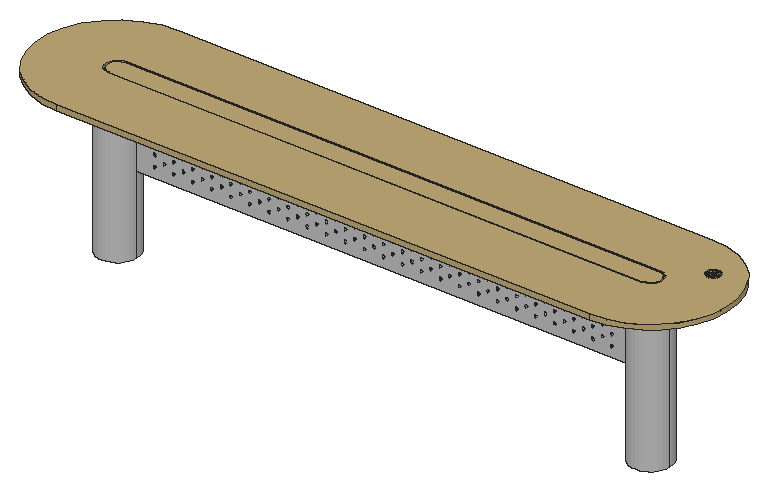
Revit family "L-FUR_벤치_YB-303_예건", category 일반 모델, Revit 2021
Family settings
  보강 철근 호스트 가능 = 아니오
  원형 커넥터 치수 = 지름 사용
  부품 유형 = 보통
  작업 기준면 기반 = 아니오
  항상 수직 = 예
  로드될 때 보이드를 사용하여 절단 = 아니오
  공유 = 아니오
  룸 계산 점 = 아니오
Parameters
  한국산업규격KS = ""
  조달청표준공사코드-세부공종 = "23587821"
  기본 입면도 = 0 mm
  건설정보분류체계-부위분류 = "E943"
  LIM_INFO_주의사항 = "재배포, 재가공, 판매 금지"
  LIM_INFO_제품업체 = "예건"
  LIM_INFO_제품번호 = "YF-16"
  LIM_INFO_제품명 = "펜스_YF-16"
  LIM_INFO_제작일 = "20230315"
  LIM_INFO_재료 = "Hardwood, STL-pipe, STL-plate"
  LIM_INFO_업체정보 = ""
  LIM_INFO_업체URL = "https://yekun.com/"
  LIM_INFO_업체TEL = "(+82)31-943-6114"
  LIM_INFO_업체EMAIL = "yekun@yekun.com"
  LIM_INFO_버전 = "2023_V01"
  LIM_INFO_기타정보 = ""
  LIM_INFO_규격 = "W2000 x H1800"
  LIM_INFO_가격 = 0
  LIM_INFO_PV_포장재여부 = yes
  LIM_INFO_PV_면적 = 0.00 m²
  KBIMS_식별-버전 = ""
  KBIMS_식별-bSK등록번호 = ""
  KBIMS_보급정보-저작자 = "림인포테크_MMJ"
  KBIMS_보급정보-보급코드 = ""
Reference planes
  plane 1 "중심(앞/뒤)": y = 0
  plane 2: z = 0
  plane 3 "중심(왼쪽/오른쪽)": x = 0
Dimensions and locks
  aligned and locked: level to plane 2
Nested families
  nested 1: "YB-303_base" at (0, 0, 0), type "YB-303_base"
Definition of nested family "YB-303_base"
  Parameters (values of type "YB-303_base")
    Default Elevation = 0 mm
  Reference planes
    plane 1 "중심(앞/뒤)": y = 0
    plane 2: z = 0
    plane 3 "중심(왼쪽/오른쪽)": x = 0
  Forms (mm)
    Extrusion 1, solid, detail levels fine
      sketch origin (-41.458, 149.434, 0) x (1, 0, 0) y (0, 1, 0)
        loop
          arc (1640, -149.434) -> (1840, 50.566) -> (1640, 250.566) r 200
          line (1640, 250.566) -> (240, 250.566)
          arc (240, 250.566) -> (40, 50.566) -> (240, -149.434) r 200
          line (240, -149.434) -> (1640, -149.434)
        loop
          line (1640, 80.566) -> (240, 80.566)
          arc (240, 80.566) -> (210, 50.566) -> (240, 20.566) r 30
          line (240, 20.566) -> (1640, 20.566)
          arc (1640, 20.566) -> (1670, 50.566) -> (1640, 80.566) r 30
        loop
          circle (1732.364, 139.592) r 17.5
      from 417 to 430
    Extrusion 2, solid, detail levels fine
      sketch origin (-41.458, 149.434, 0) x (1, 0, 0) y (0, 1, 0)
        loop
          circle (240, 50.566) r 50.8
        loop
          circle (1640, 50.566) r 50.8
      from 0 to 413
    Extrusion 3, solid, detail levels fine
      sketch origin (-8148.32, 202.046, -4495.373) x (1, 0, 0) y (0, 0, 1)
        loop
          line (9696.062, 4700.973) -> (9696.062, 4907.673) -> (8397.662, 4907.673) -> (8397.662, 4700.973) -> (9696.062, 4700.973)
        loop
          circle (8448.415, 4874.302) r 4
        loop
          circle (8448.415, 4845.23) r 4
        loop
          circle (8448.415, 4816.159) r 4
        loop
          circle (8448.415, 4787.088) r 4
        loop
          circle (8448.415, 4758.016) r 4
        loop
          circle (8448.415, 4728.945) r 4
        loop
          circle (8473.415, 4743.48) r 4
        loop
          circle (8473.415, 4772.552) r 4
        loop
          circle (8473.415, 4801.623) r 4
        loop
          circle (8473.415, 4830.695) r 4
        loop
          circle (8473.415, 4859.766) r 4
        loop
          circle (8498.415, 4874.302) r 4
        loop
          circle (8498.415, 4845.23) r 4
        loop
          circle (8498.415, 4816.159) r 4
        loop
          circle (8498.415, 4787.088) r 4
        loop
          circle (8498.415, 4758.016) r 4
        loop
          circle (8498.415, 4728.945) r 4
        loop
          circle (8523.415, 4743.48) r 4
        loop
          circle (8523.415, 4772.552) r 4
        loop
          circle (8523.415, 4801.623) r 4
        loop
          circle (8523.415, 4830.695) r 4
        loop
          circle (8523.415, 4859.766) r 4
        loop
          circle (8548.415, 4874.302) r 4
        loop
          circle (8548.415, 4845.23) r 4
        loop
          circle (8548.415, 4816.159) r 4
        loop
          circle (8548.415, 4787.088) r 4
        loop
          circle (8548.415, 4758.016) r 4
        loop
          circle (8548.415, 4728.945) r 4
        loop
          circle (8573.415, 4743.48) r 4
        loop
          circle (8573.415, 4772.552) r 4
        loop
          circle (8573.415, 4801.623) r 4
        loop
          circle (8573.415, 4830.695) r 4
        loop
          circle (8573.415, 4859.766) r 4
        loop
          circle (8598.415, 4874.302) r 4
        loop
          circle (8598.415, 4845.23) r 4
        loop
          circle (8598.415, 4816.159) r 4
        loop
          circle (8598.415, 4787.088) r 4
        loop
          circle (8598.415, 4758.016) r 4
        loop
          circle (8598.415, 4728.945) r 4
        loop
          circle (8623.415, 4743.48) r 4
        loop
          circle (8623.415, 4772.552) r 4
        loop
          circle (8623.415, 4801.623) r 4
        loop
          circle (8623.415, 4830.695) r 4
        loop
          circle (8623.415, 4859.766) r 4
        loop
          circle (8648.415, 4874.302) r 4
        loop
          circle (8648.415, 4845.23) r 4
        loop
          circle (8648.415, 4816.159) r 4
        loop
          circle (8648.415, 4787.088) r 4
        loop
          circle (8648.415, 4758.016) r 4
        loop
          circle (8648.415, 4728.945) r 4
        loop
          circle (8673.415, 4743.48) r 4
        loop
          circle (8673.415, 4772.552) r 4
        loop
          circle (8673.415, 4801.623) r 4
        loop
          circle (8673.415, 4830.695) r 4
        loop
          circle (8673.415, 4859.766) r 4
        loop
          circle (8698.415, 4874.302) r 4
        loop
          circle (8698.415, 4845.23) r 4
        loop
          circle (8698.415, 4816.159) r 4
        loop
          circle (8698.415, 4787.088) r 4
        loop
          circle (8698.415, 4758.016) r 4
        loop
          circle (8698.415, 4728.945) r 4
        loop
          circle (8723.415, 4743.48) r 4
        loop
          circle (8723.415, 4772.552) r 4
        loop
          circle (8723.415, 4801.623) r 4
        loop
          circle (8723.415, 4830.695) r 4
        loop
          circle (8723.415, 4859.766) r 4
        loop
          circle (8748.415, 4874.302) r 4
        loop
          circle (8748.415, 4845.23) r 4
        loop
          circle (8748.415, 4816.159) r 4
        loop
          circle (8748.415, 4787.088) r 4
        loop
          circle (8748.415, 4758.016) r 4
        loop
          circle (8748.415, 4728.945) r 4
        loop
          circle (8773.415, 4743.48) r 4
        loop
          circle (8773.415, 4772.552) r 4
        loop
          circle (8773.415, 4801.623) r 4
        loop
          circle (8773.415, 4830.695) r 4
        loop
          circle (8773.415, 4859.766) r 4
        loop
          circle (8798.415, 4874.302) r 4
        loop
          circle (8798.415, 4845.23) r 4
        loop
          circle (8798.415, 4816.159) r 4
        loop
          circle (8798.415, 4787.088) r 4
        loop
          circle (8798.415, 4758.016) r 4
        loop
          circle (8798.415, 4728.945) r 4
        loop
          circle (8823.415, 4743.48) r 4
        loop
          circle (8823.415, 4772.552) r 4
        loop
          circle (8823.415, 4801.623) r 4
        loop
          circle (8823.415, 4830.695) r 4
        loop
          circle (8823.415, 4859.766) r 4
        loop
          circle (8848.415, 4874.302) r 4
        loop
          circle (8848.415, 4845.23) r 4
        loop
          circle (8848.415, 4816.159) r 4
        loop
          circle (8848.415, 4787.088) r 4
        loop
          circle (8848.415, 4758.016) r 4
        loop
          circle (8848.415, 4728.945) r 4
        loop
          circle (8873.415, 4743.48) r 4
        loop
          circle (8873.415, 4772.552) r 4
        loop
          circle (8873.415, 4801.623) r 4
        loop
          circle (8873.415, 4830.695) r 4
        loop
          circle (8873.415, 4859.766) r 4
        loop
          circle (8898.415, 4874.302) r 4
        loop
          circle (8898.415, 4845.23) r 4
        loop
          circle (8898.415, 4816.159) r 4
        loop
          circle (8898.415, 4787.088) r 4
        loop
          circle (8898.415, 4758.016) r 4
        loop
          circle (8898.415, 4728.945) r 4
        loop
          circle (8923.415, 4743.48) r 4
        loop
          circle (8923.415, 4772.552) r 4
        loop
          circle (8923.415, 4801.623) r 4
        loop
          circle (8923.415, 4830.695) r 4
        loop
          circle (8923.415, 4859.766) r 4
        loop
          circle (8948.415, 4874.302) r 4
        loop
          circle (8948.415, 4845.23) r 4
        loop
          circle (8948.415, 4816.159) r 4
        loop
          circle (8948.415, 4787.088) r 4
        loop
          circle (8948.415, 4758.016) r 4
        loop
          circle (8948.415, 4728.945) r 4
        loop
          circle (8973.415, 4743.48) r 4
        loop
          circle (8973.415, 4772.552) r 4
        loop
          circle (8973.415, 4801.623) r 4
        loop
          circle (8973.415, 4830.695) r 4
        loop
          circle (8973.415, 4859.766) r 4
        loop
          circle (8998.415, 4874.302) r 4
        loop
          circle (8998.415, 4845.23) r 4
        loop
          circle (8998.415, 4816.159) r 4
        loop
          circle (8998.415, 4787.088) r 4
        loop
          circle (8998.415, 4758.016) r 4
        loop
          circle (8998.415, 4728.945) r 4
        loop
          circle (9023.415, 4743.48) r 4
        loop
          circle (9023.415, 4772.552) r 4
        loop
          circle (9023.415, 4801.623) r 4
        loop
          circle (9023.415, 4830.695) r 4
        loop
          circle (9023.415, 4859.766) r 4
        loop
          circle (9048.415, 4874.302) r 4
        loop
          circle (9048.415, 4845.23) r 4
        loop
          circle (9048.415, 4816.159) r 4
        loop
          circle (9048.415, 4787.088) r 4
        loop
          circle (9048.415, 4758.016) r 4
        loop
          circle (9048.415, 4728.945) r 4
        loop
          circle (9073.415, 4743.48) r 4
        loop
          circle (9073.415, 4772.552) r 4
        loop
          circle (9073.415, 4801.623) r 4
        loop
          circle (9073.415, 4830.695) r 4
        loop
          circle (9073.415, 4859.766) r 4
        loop
          circle (9098.415, 4874.302) r 4
        loop
          circle (9098.415, 4845.23) r 4
        loop
          circle (9098.415, 4816.159) r 4
        loop
          circle (9098.415, 4787.088) r 4
        loop
          circle (9098.415, 4758.016) r 4
        loop
          circle (9098.415, 4728.945) r 4
        loop
          circle (9123.415, 4743.48) r 4
        loop
          circle (9123.415, 4772.552) r 4
        loop
          circle (9123.415, 4801.623) r 4
        loop
          circle (9123.415, 4830.695) r 4
        loop
          circle (9123.415, 4859.766) r 4
        loop
          circle (9148.415, 4874.302) r 4
        loop
          circle (9148.415, 4845.23) r 4
        loop
          circle (9148.415, 4816.159) r 4
        loop
          circle (9148.415, 4787.088) r 4
        loop
          circle (9148.415, 4758.016) r 4
        loop
          circle (9148.415, 4728.945) r 4
        loop
          circle (9173.415, 4743.48) r 4
        loop
          circle (9173.415, 4772.552) r 4
        loop
          circle (9173.415, 4801.623) r 4
        loop
          circle (9173.415, 4830.695) r 4
        loop
          circle (9173.415, 4859.766) r 4
        loop
          circle (9198.415, 4874.302) r 4
        loop
          circle (9198.415, 4845.23) r 4
        loop
          circle (9198.415, 4816.159) r 4
        loop
          circle (9198.415, 4787.088) r 4
        loop
          circle (9198.415, 4758.016) r 4
        loop
          circle (9198.415, 4728.945) r 4
        loop
          circle (9223.415, 4743.48) r 4
        loop
          circle (9223.415, 4772.552) r 4
        loop
          circle (9223.415, 4801.623) r 4
        loop
          circle (9223.415, 4830.695) r 4
        loop
          circle (9223.415, 4859.766) r 4
        loop
          circle (9248.415, 4874.302) r 4
        loop
          circle (9248.415, 4845.23) r 4
        loop
          circle (9248.415, 4816.159) r 4
        loop
          circle (9248.415, 4787.088) r 4
        loop
          circle (9248.415, 4758.016) r 4
        loop
          circle (9248.415, 4728.945) r 4
        loop
          circle (9273.415, 4743.48) r 4
        loop
          circle (9273.415, 4772.552) r 4
        loop
          circle (9273.415, 4801.623) r 4
        loop
          circle (9273.415, 4830.695) r 4
        loop
          circle (9273.415, 4859.766) r 4
        loop
          circle (9298.415, 4874.302) r 4
        loop
          circle (9298.415, 4845.23) r 4
        loop
          circle (9298.415, 4816.159) r 4
        loop
          circle (9298.415, 4787.088) r 4
        loop
          circle (9298.415, 4758.016) r 4
        loop
          circle (9298.415, 4728.945) r 4
        loop
          circle (9323.415, 4743.48) r 4
        loop
          circle (9323.415, 4772.552) r 4
        loop
          circle (9323.415, 4801.623) r 4
        loop
          circle (9323.415, 4830.695) r 4
        loop
          circle (9323.415, 4859.766) r 4
        loop
          circle (9348.415, 4874.302) r 4
        loop
          circle (9348.415, 4845.23) r 4
        loop
          circle (9348.415, 4816.159) r 4
        loop
          circle (9348.415, 4787.088) r 4
        loop
          circle (9348.415, 4758.016) r 4
        loop
          circle (9348.415, 4728.945) r 4
        loop
          circle (9373.415, 4743.48) r 4
        loop
          circle (9373.415, 4772.552) r 4
        loop
          circle (9373.415, 4801.623) r 4
        loop
          circle (9373.415, 4830.695) r 4
        loop
          circle (9373.415, 4859.766) r 4
        loop
          circle (9398.415, 4874.302) r 4
        loop
          circle (9398.415, 4845.23) r 4
        loop
          circle (9398.415, 4816.159) r 4
        loop
          circle (9398.415, 4787.088) r 4
        loop
          circle (9398.415, 4758.016) r 4
        loop
          circle (9398.415, 4728.945) r 4
        loop
          circle (9423.415, 4743.48) r 4
        loop
          circle (9423.415, 4772.552) r 4
        loop
          circle (9423.415, 4801.623) r 4
        loop
          circle (9423.415, 4830.695) r 4
        loop
          circle (9423.415, 4859.766) r 4
        loop
          circle (9448.415, 4874.302) r 4
        loop
          circle (9448.415, 4845.23) r 4
        loop
          circle (9448.415, 4816.159) r 4
        loop
          circle (9448.415, 4787.088) r 4
        loop
          circle (9448.415, 4758.016) r 4
        loop
          circle (9448.415, 4728.945) r 4
        loop
          circle (9473.415, 4743.48) r 4
        loop
          circle (9473.415, 4772.552) r 4
        loop
          circle (9473.415, 4801.623) r 4
        loop
          circle (9473.415, 4830.695) r 4
        loop
          circle (9473.415, 4859.766) r 4
        loop
          circle (9498.415, 4874.302) r 4
        loop
          circle (9498.415, 4845.23) r 4
        loop
          circle (9498.415, 4816.159) r 4
        loop
          circle (9498.415, 4787.088) r 4
        loop
          circle (9498.415, 4758.016) r 4
        loop
          circle (9498.415, 4728.945) r 4
        loop
          circle (9523.415, 4743.48) r 4
        loop
          circle (9523.415, 4772.552) r 4
        loop
          circle (9523.415, 4801.623) r 4
        loop
          circle (9523.415, 4830.695) r 4
        loop
          circle (9523.415, 4859.766) r 4
        loop
          circle (9548.415, 4874.302) r 4
        loop
          circle (9548.415, 4845.23) r 4
        loop
          circle (9548.415, 4816.159) r 4
        loop
          circle (9548.415, 4787.088) r 4
        loop
          circle (9548.415, 4758.016) r 4
        loop
          circle (9548.415, 4728.945) r 4
        loop
          circle (9573.415, 4743.48) r 4
        loop
          circle (9573.415, 4772.552) r 4
        loop
          circle (9573.415, 4801.623) r 4
        loop
          circle (9573.415, 4830.695) r 4
        loop
          circle (9573.415, 4859.766) r 4
        loop
          circle (9598.415, 4874.302) r 4
        loop
          circle (9598.415, 4845.23) r 4
        loop
          circle (9598.415, 4816.159) r 4
        loop
          circle (9598.415, 4787.088) r 4
        loop
          circle (9598.415, 4758.016) r 4
        loop
          circle (9598.415, 4728.945) r 4
        loop
          circle (9623.415, 4743.48) r 4
        loop
          circle (9623.415, 4772.552) r 4
        loop
          circle (9623.415, 4801.623) r 4
        loop
          circle (9623.415, 4830.695) r 4
        loop
          circle (9623.415, 4859.766) r 4
        loop
          circle (9648.415, 4874.302) r 4
        loop
          circle (9648.415, 4845.23) r 4
        loop
          circle (9648.415, 4816.159) r 4
        loop
          circle (9648.415, 4787.088) r 4
        loop
          circle (9648.415, 4758.016) r 4
        loop
          circle (9648.415, 4728.945) r 4
      from 0 to 5
    Extrusion 4, solid, detail levels fine
      sketch origin (-41.458, 149.434, 0) x (0, 1, 0) y (0, 0, 1)
        loop
          line (50.566, 417) -> (-89.434, 417) -> (-89.434, 412) -> (190.566, 412) -> (190.566, 417) -> (50.566, 417)
      from 161.2 to 1718.8
    Extrusion 5, solid, detail levels fine
      sketch origin (0, 0, 0) x (1, 0, 0) y (0, 1, 0)
        loop
          line (1598.542, 225) -> (198.542, 225)
          arc (198.542, 225) -> (173.542, 200) -> (198.542, 175) r 25
          line (198.542, 175) -> (1598.542, 175)
          arc (1598.542, 175) -> (1623.542, 200) -> (1598.542, 225) r 25
      from 417 to 430
    Extrusion 6, solid, detail levels fine
      sketch origin (0, 0, 0) x (1, 0, 0) y (0, 1, 0)
        loop
          circle (1690.906, 289.026) r 17.5
      from 417 to 428.621
    Extrusion 7, solid, detail levels fine
      sketch origin (0, 0, 0) x (1, 0, 0) y (0, 1, 0)
        loop
          line (1701.404, 294.383) -> (1704.917, 294.383)
          arc (1704.917, 294.383) -> (1687.395, 303.609) -> (1675.992, 287.419) r 15
          line (1675.992, 287.419) -> (1682.87, 287.419) -> (1682.87, 290.633) -> (1679.231, 290.633)
          arc (1679.231, 290.633) -> (1688.941, 300.647) -> (1701.404, 294.383) r 11.786
        loop
          line (1687.424, 290.633) -> (1687.424, 294.383) -> (1684.21, 294.383) -> (1684.21, 283.669) -> (1687.424, 283.669) -> (1687.424, 286.709) -> (1690.203, 288.655) -> (1693.082, 283.669) -> (1696.793, 283.669) -> (1692.846, 290.506) -> (1698.383, 294.383) -> (1692.78, 294.383) -> (1687.424, 290.633)
        loop
          line (1705.82, 290.633) -> (1697.603, 290.633) -> (1697.603, 287.419) -> (1702.582, 287.419)
          arc (1702.582, 287.419) -> (1692.871, 277.405) -> (1680.408, 283.669) r 11.786
          line (1680.408, 283.669) -> (1676.895, 283.669)
          arc (1676.895, 283.669) -> (1694.417, 274.443) -> (1705.82, 290.633) r 15
      from 428.621 to 430
    Extrusion 8, solid, detail levels fine
      sketch origin (0, 0, 0) x (1, 0, 0) y (0, 1, 0)
        loop
          line (1598.542, 225) -> (198.542, 225)
          arc (198.542, 225) -> (173.542, 200) -> (198.542, 175) r 25
          line (198.542, 175) -> (1598.542, 175)
          arc (1598.542, 175) -> (1623.542, 200) -> (1598.542, 225) r 25
        loop
          arc (198.542, 230) -> (168.542, 200) -> (198.542, 170) r 30
          line (198.542, 170) -> (1598.542, 170)
          arc (1598.542, 170) -> (1628.542, 200) -> (1598.542, 230) r 30
          line (1598.542, 230) -> (198.542, 230)
      from 417 to 425
    Extrusion 9, solid, detail levels coarse+medium
      sketch origin (-40, 149.434, 0) x (1, 0, 0) y (0, 1, 0)
        loop
          line (1840, -149.434) -> (1840, 250.566) -> (40, 250.566) -> (40, -149.434) -> (1840, -149.434)
      from 417 to 430
    Extrusion 10, solid, detail levels coarse+medium
      sketch origin (-40, 149.434, 0) x (1, 0, 0) y (0, 1, 0)
        loop
          line (1690, 71.277) -> (1660.711, 100.566) -> (1619.289, 100.566) -> (1590, 71.277) -> (1590, 29.856) -> (1619.289, 0.566) -> (1660.711, 0.566) -> (1690, 29.856) -> (1690, 71.277)
        loop
          line (290, 71.277) -> (260.711, 100.566) -> (219.289, 100.566) -> (190, 71.277) -> (190, 29.856) -> (219.289, 0.566) -> (260.711, 0.566) -> (290, 29.856) -> (290, 71.277)
      from 0 to 413
    Extrusion 11, solid, detail levels coarse+medium
      sketch origin (-40, 149.434, 0) x (0, 1, 0) y (0, 0, 1)
        loop
          line (50.566, 417) -> (-89.434, 417) -> (-89.434, 412) -> (190.566, 412) -> (190.566, 417) -> (50.566, 417)
      from 161.2 to 1718.8
  Dimensions and locks
    Extrusion 4 sketch curve to Extrusion 4 sketch curve = 5 mm
    Extrusion 11 sketch curve to Extrusion 11 sketch curve = 5 mm
    aligned and locked: level to plane 2
